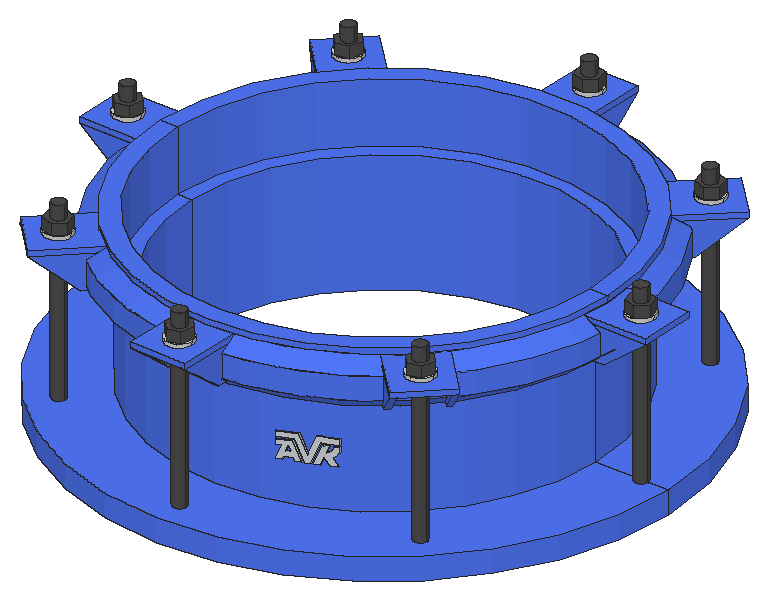
Revit family "603-A-6100-DN350", category Pipe Accessories, Revit 2019
Family settings
  Round Connector Dimension = Use Diameter
  Part Type = Valve - Breaks Into
  Work Plane-Based = No
  Always vertical = Yes
  Cut with Voids When Loaded = No
  Shared = No
Parameters (values of type "603-378-000-4100_DN350_352 - 378")
  Washer_Ref_2 = size_lookup(Search_table, "Washer_Ref_2", 0 mm, [Nomianal_Diameter(DN)])  # 145 mm
  URL_product_pages = "https://www.avkvalves.com/P.aspx?no=6033780006100"
  Reference = size_lookup(Search_table, "Reference", 0 mm, [Nomianal_Diameter(DN)])  # 145 mm
  L_Ref = L - Bottom_Flange_Thickness  # 170 mm
  L2 = size_lookup(Search_table, "L2", 0 mm, [Nomianal_Diameter(DN)])  # 170 mm
  F_dia = 50 mm  # constant formula
  Description_ = "AVK UNIVERSAL SUPA® FLANGE ADAPTOR"
  D_ref = DN1_ref + 5 mm  # 194 mm
  DN350_384 - 410 = "603-410-000-6100"
  DN350_372 -396 = "603-396-000-6100"
  DN350_352 -378 = "603-378-000-6100"
  DN2_ref = DN2 / 2  # 176 mm
  DN2 = size_lookup(Search_table, "DN2", 0 mm, [Nomianal_Diameter(DN)])  # 352 mm
  DN1_ref = DN1 / 2  # 189 mm
  DN1 = size_lookup(Search_table, "DN1", 0 mm, [Nomianal_Diameter(DN)])  # 378 mm
  D3_ref2 = 220 mm  # constant formula
  D3_Ref = 205 mm  # constant formula
  Bolt_Ref_2 = Bolt_Ref - 10 mm  # 148 mm
  Bolt_Ref = size_lookup(Search_table, "Bolt_Ref", 0 mm, [Nomianal_Diameter(DN)])  # 158 mm
  Washer_Ref = size_lookup(Search_table, "Washer_Ref", 0 mm, [Nomianal_Diameter(DN)])  # 148 mm
  Search_table = "603-A-6100-DN350"
  Rib_width = size_lookup(Search_table, "Rib_width", 0 mm, [Nomianal_Diameter(DN)])  # 499 mm
  Rib_length = 32 mm  # constant formula
  Rib_Thickness = 5 mm  # constant formula
  PCD = 450 mm
  Nut = 10 mm  # constant formula
  L = size_lookup(Search_table, "L", 0 mm, [Nomianal_Diameter(DN)]) - 16 mm  # 170 mm
  L1 = size_lookup(Search_table, "L1", 0 mm, [Nomianal_Diameter(DN)])  # 61 mm
  L3 = size_lookup(Search_table, "L3", 0 mm, [Nomianal_Diameter(DN)]) - Bottom_Flange_Thickness  # 103 mm
  ID = [Nomianal_Diameter(DN)] / 2  # 175 mm
  Nomianal_Diameter(DN) = 350 mm
  H1 = size_lookup(Search_table, "H1", 0 mm, [Nomianal_Diameter(DN)])  # 36 mm
  D4 = (PCD / 2) + Bottom_Flange_Thickness  # 225 mm
  D3 = 210 mm
  D2 = size_lookup(Search_table, "D2", 0 mm, [Nomianal_Diameter(DN)]) / 2  # 195 mm
  D = size_lookup(Search_table, "D", 0 mm, [Nomianal_Diameter(DN)]) / 2  # 260 mm
  Bottom_Flange_Thickness = L - L2  # 0 mm
  Bottm_cut = size_lookup(Search_table, "Bottm_cut", 0 mm, [Nomianal_Diameter(DN)]) / 2  # 216 mm
  Bolt_width = 20 mm  # constant formula
Types (4, lengths in mm): name | Washer_Ref_2 | Reference | L_Ref | L2 | D_ref | DN2_ref | DN2 | DN1_ref | DN1 | Bolt_Ref_2 | Bolt_Ref | Washer_Ref | L | L1 | L3 | ID | Nomianal_Diameter(DN) | D3
  (no name) | 145 | 145 | 170 | 170 | 194 | 176 | 352 | 189 | 378 | 148 | 158 | 148 | 170 | 61 | 103 | 175 | 350 | 210
  603-378-000-4100_DN350_352 - 378 | 145 | 145 | 170 | 170 | 194 | 176 | 352 | 189 | 378 | 148 | 158 | 148 | 170 | 61 | 103 | 175 | 350 | 210
  603-396-000-4100_DN350_372 - 396 | 187 | 187 | 210 | 210 | 203 | 186 | 372 | 198 | 396 | 190 | 200 | 190 | 210 | 62 | 145 | 175.05 | 350.1 | 201.6
  603-410-000-4100_DN350_384 - 410 | 187 | 187 | 210 | 210 | 203 | 186 | 372 | 198 | 396 | 190 | 200 | 190 | 210 | 62 | 145 | 175.05 | 350.1 | 201.6
Reference planes
  plane 1 "Center (Front/Back)": y = 0
  plane 2: z = 0
  plane 3 "Center (Left/Right)": x = 0
  plane 4: x = 8
  plane 5: x = -8
  plane 6: z = 103
  plane 7: through (123.744, 123.744, 1200) normal (-0.7071, 0.7071, 0)
  plane 8: x = -260
  plane 9: x = 260
  plane 10: x = 220
  plane 11: x = 205
  plane 12: z = 150.014
  plane 13: z = 177.178
  plane 14: through (-123.744, 123.744, 1200) normal (-0.7071, -0.7071, 0)
  plane 15: through (123.744, -123.744, 1200) normal (0.7071, 0.7071, 0)
  plane 16: through (-123.744, -123.744, 1200) normal (0.7071, -0.7071, 0)
  plane 17: z = 145
Forms (mm)
  Revolve 1, solid, material "Plastic"
    sketch origin (0, 0, 0) x (1, 0, 0) y (0, 0, 1)
      loop
        line (194, 103) -> (205, 103) -> (220, 115.178) -> (220, 135.178) -> (205, 145.014) -> (205, 150.014) -> (0, 150.014) -> (0, -16) -> (198.453, -16) -> (198.453, 0) -> (251.221, 0) -> (251.221, -10) -> (260, -10) -> (260, 10) -> (194, 10) -> (194, 103)
      axis (0, -16) -> (0, 150.014)
    angle from 0 to 360
  Extrusion 2, solid, material "Stainless Steel AISI 304"
    sketch origin (0, 0, 0) x (1, 0, 0) y (0, 1, 0)
      loop
        circle (0, 234.5) r 6
      loop
        circle (165.463, 165.963) r 6
      loop
        circle (-165.463, 165.963) r 6
      loop
        circle (234.99, 0) r 6
      loop
        circle (0, -234.5) r 6
      loop
        circle (165.463, -165.963) r 6
      loop
        circle (-165.463, -165.963) r 6
      loop
        circle (-234.99, 0) r 6
    from 0 to 170
  Extrusion 3, solid, material "Stainless Steel AISI 304(2)"
    sketch origin (0, 0, 0) x (1, 0, 0) y (0, 1, 0)
      loop
        circle (0, 234.75) r 12
      loop
        circle (165.817, 166.067) r 12
      loop
        circle (-165.817, 166.067) r 12
      loop
        circle (234.75, 0) r 12
      loop
        circle (-234.75, 0) r 12
      loop
        circle (0, -234.75) r 12
      loop
        circle (165.817, -166.067) r 12
      loop
        circle (-165.817, -166.067) r 12
    from 148 to 145
  Extrusion 4, solid, material "Stainless Steel AISI 304"
    sketch origin (0, 0, 0) x (1, 0, 0) y (0, 1, 0)
      loop
        line (162.828, 177.22) -> (154.663, 169.055) -> (157.652, 157.902) -> (168.805, 154.913) -> (176.97, 163.078) -> (173.982, 174.232) -> (162.828, 177.22)
      loop
        line (231.761, 11.154) -> (223.596, 2.989) -> (226.585, -8.165) -> (237.739, -11.154) -> (245.904, -2.989) -> (242.915, 8.165) -> (231.761, 11.154)
      loop
        line (-162.828, 177.22) -> (-173.982, 174.232) -> (-176.97, 163.078) -> (-168.805, 154.913) -> (-157.652, 157.902) -> (-154.663, 169.055) -> (-162.828, 177.22)
      loop
        line (-231.761, 11.154) -> (-242.915, 8.165) -> (-245.904, -2.989) -> (-237.739, -11.154) -> (-226.585, -8.165) -> (-223.596, 2.989) -> (-231.761, 11.154)
      loop
        line (-2.989, 245.654) -> (-11.154, 237.489) -> (-8.165, 226.335) -> (2.989, 223.346) -> (11.154, 231.511) -> (8.165, 242.665) -> (-2.989, 245.654)
      loop
        line (162.828, -177.22) -> (173.982, -174.232) -> (176.97, -163.078) -> (168.805, -154.913) -> (157.652, -157.902) -> (154.663, -169.055) -> (162.828, -177.22)
      loop
        line (-162.828, -177.22) -> (-154.663, -169.055) -> (-157.652, -157.902) -> (-168.805, -154.913) -> (-176.97, -163.078) -> (-173.982, -174.232) -> (-162.828, -177.22)
      loop
        line (-2.989, -245.654) -> (8.165, -242.665) -> (11.154, -231.511) -> (2.989, -223.346) -> (-8.165, -226.335) -> (-11.154, -237.489) -> (-2.989, -245.654)
    from 148 to 158
  Revolve 5, solid, material "Stainless Steel AISI 304"
    sketch origin (-11.726, 0, 0) x (1, 0, 0) y (0, 0, 1)
      loop
        line (246.99, 0) -> (246.99, -1.616)
        arc (246.99, -1.616) -> (253.288, -1.288) -> (259.461, 0) r 41.119
        line (259.461, 0) -> (246.99, 0)
      axis (246.99, -1.616) -> (246.99, 0)
    angle from 0 to 360
  Revolve 6, solid, material "Stainless Steel AISI 304"
    sketch origin (-81.626, 165.672, 0) x (1, 0, 0) y (0, 0, 1)
      loop
        line (246.99, 0) -> (246.99, -1.998)
        arc (246.99, -1.998) -> (253.32, -1.549) -> (259.475, 0) r 36.123
        line (259.475, 0) -> (246.99, 0)
      axis (246.99, -1.998) -> (246.99, 0)
    angle from 0 to 360
  Revolve 7, solid, material "Stainless Steel AISI 304"
    sketch origin (-235.065, 235.065, 0) x (1, 0, 0) y (0, 0, 1)
      loop
        line (234.99, 0) -> (234.99, -1.998)
        arc (234.99, -1.998) -> (241.281, -1.377) -> (247.451, 0) r 52.128
        line (247.451, 0) -> (234.99, 0)
      axis (234.99, -1.998) -> (234.99, 0)
    angle from 0 to 360
  Revolve 8, solid, material "Stainless Steel AISI 304"
    sketch origin (12.39, 0, 0) x (-1, 0, 0) y (0, 0, 1)
      loop
        line (246.99, 0) -> (246.99, -1.616)
        arc (246.99, -1.616) -> (253.298, -1.268) -> (259.487, 0) r 43.015
        line (259.487, 0) -> (246.99, 0)
      axis (246.99, -1.616) -> (246.99, 0)
    angle from 0 to 360
  Revolve 9, solid, material "Stainless Steel AISI 304"
    sketch origin (81.22, 165.945, 0) x (-1, 0, 0) y (0, 0, -1)
      loop
        line (246.99, 0) -> (259.457, 0)
        arc (259.457, 0) -> (253.276, 1.212) -> (246.99, 1.616) r 48.687
        line (246.99, 1.616) -> (246.99, 0)
      axis (246.99, 1.616) -> (246.99, 0)
    angle from 0 to 360
  Revolve 10, solid, material "Stainless Steel AISI 304"
    sketch origin (-81.613, -165.68, 0) x (1, 0, 0) y (0, 0, -1)
      loop
        line (246.99, 0) -> (259.475, 0)
        arc (259.475, 0) -> (253.3, 1.332) -> (246.99, 1.616) r 37.739
        line (246.99, 1.616) -> (246.99, 0)
      axis (246.99, 1.616) -> (246.99, 0)
    angle from 0 to 360
  Revolve 11, solid, material "Stainless Steel AISI 304"
    sketch origin (-235.065, -235.065, 0) x (1, 0, 0) y (0, 0, -1)
      loop
        line (234.99, 0) -> (247.451, 0)
        arc (247.451, 0) -> (241.282, 1.284) -> (234.99, 1.616) r 41.371
        line (234.99, 1.616) -> (234.99, 0)
      axis (234.99, 1.616) -> (234.99, 0)
    angle from 0 to 360
  Revolve 12, solid, material "Stainless Steel AISI 304"
    sketch origin (81.987, -165.518, 0) x (-1, 0, 0) y (0, 0, 1)
      loop
        line (246.99, 0) -> (246.99, -1.998)
        arc (246.99, -1.998) -> (253.295, -1.446) -> (259.457, 0) r 44.278
        line (259.457, 0) -> (246.99, 0)
      axis (246.99, -1.998) -> (246.99, 0)
    angle from 0 to 360
  Revolve 13, void
    sketch origin (0, 0, 0) x (1, 0, 0) y (0, 0, 1)
      loop
        line (0, 170) -> (0, -16) -> (176, -16) -> (176, 95) -> (189, 95) -> (189, 170) -> (0, 170)
      axis (0, -16) -> (0, 170)
    angle from 0 to 360
Cuts and joins
  Revolve 13 cuts Revolve 1
Dimensions and locks
  "D": Revolve 1 sketch curve to plane 3 "Center (Left/Right)"
  "L3": plane 6 to level
  equal spacing: plane 9, plane 3 "Center (Left/Right)", plane 8
  plane 9 to plane 8 = 520 mm
  "D": plane 9 to plane 3 "Center (Left/Right)"
  locked: Revolve 1 sketch curve to Revolve 1 sketch curve at 8.779
  "Washer_Ref_2": Extrusion 3 to level
  "Washer_Ref": Extrusion 3 to level
  "Washer_Ref": Extrusion 4 to level
  "Bolt_Ref": Extrusion 4 to level
  equal spacing: Revolve 1 sketch curve, level, Revolve 1 sketch curve
  locked: Extrusion 2 sketch curve to Extrusion 2 sketch curve at 330.926  (x2)
  locked: Extrusion 2 sketch curve to Extrusion 2 sketch curve at 469
  Extrusion 2 sketch curve to Extrusion 2 sketch curve = 469.98 mm
  locked: Extrusion 2 sketch curve to Extrusion 2 sketch curve at 469.98
  Extrusion 2 sketch curve to Extrusion 2 sketch curve = 330.926 mm  (x2)
  Extrusion 2 sketch curve to Extrusion 2 sketch curve = 469 mm
  Extrusion 3 sketch curve to Extrusion 3 sketch curve = 469.5 mm  (x2)
  Extrusion 3 sketch curve to Extrusion 3 sketch curve = 331.633 mm  (x2)
  locked: Extrusion 3 sketch curve to Extrusion 3 sketch curve at 469.5  (x2)
  locked: Extrusion 3 sketch curve to Extrusion 3 sketch curve at 331.633  (x2)
  Extrusion 4 sketch curve to Extrusion 4 sketch curve = 463.523 mm
  locked: Extrusion 4 sketch curve to Extrusion 4 sketch curve at 463.523
  locked: Extrusion 4 sketch curve to Extrusion 4 sketch curve at 463.023
  Extrusion 4 sketch curve to Extrusion 4 sketch curve = 463.023 mm
  Extrusion 4 sketch curve to Extrusion 4 sketch curve = 325.656 mm
  locked: Extrusion 4 sketch curve to Extrusion 4 sketch curve at 325.656
  Extrusion 4 sketch curve to Extrusion 4 sketch curve = 347.963 mm
  locked: Extrusion 4 sketch curve to Extrusion 4 sketch curve at 347.963
  "D3_ref2": plane 10 to plane 3 "Center (Left/Right)"
  "D3_Ref": plane 11 to plane 3 "Center (Left/Right)"
  locked: plane 12 to Revolve 1 sketch curve at 5
  locked: Revolve 1 sketch curve to plane 11 at 15
  locked: Revolve 1 sketch curve to plane 6 at 12.178
  locked: Revolve 1 sketch curve to Revolve 1 sketch curve at 20
  locked: plane 12 to plane 6 at 47.014
  "D_ref": Revolve 1 sketch curve to plane 3 "Center (Left/Right)"
  "Reference": plane 17 to level
  "L": Extrusion 2 to level
  Extrusion 2 to Revolve 1 = 186 mm
  "DN1_ref": Revolve 13 sketch curve to plane 3 "Center (Left/Right)"
  "DN2_ref": Revolve 13 sketch curve to plane 3 "Center (Left/Right)"
  cut or joined group of Revolve 1, Revolve 13 to cut or joined group of Revolve 1, Revolve 13 = 119 mm
  radius of Extrusion 2 sketch curve = 6 mm  (x8)
  aligned and locked: level to plane 2
  aligned and locked: plane 3 "Center (Left/Right)" to Revolve 1 sketch curve
  aligned and locked: Extrusion 2 to level
  aligned and locked: Revolve 5 sketch curve to Revolve 5 sketch curve  (x2)
  aligned and locked: Revolve 6 sketch curve to Revolve 6 sketch curve  (x2)
  aligned and locked: Revolve 7 sketch curve to Revolve 7 sketch curve  (x2)
  aligned and locked: Revolve 8 sketch curve to Revolve 8 sketch curve  (x2)
  aligned and locked: Revolve 9 sketch curve to Revolve 9 sketch curve  (x2)
  aligned and locked: Revolve 10 sketch curve to Revolve 10 sketch curve  (x2)
  aligned and locked: Revolve 11 sketch curve to Revolve 11 sketch curve  (x2)
  aligned and locked: Revolve 12 sketch curve to Revolve 12 sketch curve  (x2)
  aligned and locked: Revolve 11 to level
  aligned and locked: plane 12 to Revolve 1 sketch curve
  aligned and locked: plane 11 to Revolve 1 sketch curve  (x2)
  aligned and locked: Revolve 1 sketch curve to plane 10
  aligned and locked: plane 6 to Revolve 1 sketch curve
  aligned and locked: Revolve 1 sketch curve to plane 11
  aligned and locked: plane 3 "Center (Left/Right)" to nested 2
  aligned and locked: plane 1 "Center (Front/Back)" to nested 2
  aligned and locked: plane 17 to nested 3
  aligned and locked: plane 17 to nested 2
  aligned and locked: Revolve 13 sketch curve to Extrusion 2
  aligned and locked: plane 3 "Center (Left/Right)" to Revolve 13 sketch curve
  aligned and locked: Revolve 13 sketch curve to Revolve 13 sketch curve
  aligned and locked: level to Revolve 8 sketch curve
  aligned and locked: cut or joined group of Revolve 1, Revolve 13 to Revolve 12 sketch curve
  aligned and locked: Revolve 11 sketch curve to cut or joined group of Revolve 1, Revolve 13
  aligned and locked: Revolve 10 sketch curve to cut or joined group of Revolve 1, Revolve 13
  aligned and locked: Revolve 5 sketch curve to cut or joined group of Revolve 1, Revolve 13
  aligned and locked: Revolve 6 sketch curve to cut or joined group of Revolve 1, Revolve 13
  aligned and locked: Revolve 7 sketch curve to cut or joined group of Revolve 1, Revolve 13
  aligned and locked: cut or joined group of Revolve 1, Revolve 13 to Revolve 9 sketch curve
Automatic sketch dimensions
  plane 1 "Center (Front/Back)" to Extrusion 2 sketch curve = 0 mm  (x2)
  Extrusion 2 sketch curve to plane 3 "Center (Left/Right)" = 0 mm  (x2)
  plane 8 to Extrusion 2 sketch curve = 94.537 mm  (x2)
  plane 8 to Extrusion 2 sketch curve = 25.01 mm
  plane 1 "Center (Front/Back)" to Extrusion 2 sketch curve = 165.963 mm  (x2)
  Extrusion 2 sketch curve to Extrusion 2 sketch curve = 68.537 mm
  Extrusion 2 sketch curve to plane 1 "Center (Front/Back)" = 165.963 mm  (x2)
  plane 1 "Center (Front/Back)" to Extrusion 3 sketch curve = 0 mm  (x2)
  Extrusion 3 sketch curve to plane 3 "Center (Left/Right)" = 0 mm  (x2)
  plane 8 to Extrusion 3 sketch curve = 94.183 mm  (x2)
  plane 8 to Extrusion 3 sketch curve = 25.25 mm
  plane 1 "Center (Front/Back)" to Extrusion 3 sketch curve = 166.067 mm  (x2)
  Extrusion 3 sketch curve to Extrusion 3 sketch curve = 68.683 mm
  Extrusion 3 sketch curve to plane 1 "Center (Front/Back)" = 166.067 mm  (x2)
  plane 1 "Center (Front/Back)" to Extrusion 4 sketch curve = 2.989 mm  (x2)
  plane 8 to Extrusion 4 sketch curve = 14.096 mm
  Extrusion 4 sketch curve to plane 1 "Center (Front/Back)" = 8.165 mm  (x2)
  Extrusion 4 sketch curve to Extrusion 4 sketch curve = 2.989 mm  (x20)
  Extrusion 4 sketch curve to Extrusion 4 sketch curve = 8.165 mm  (x16)
  Extrusion 4 sketch curve to plane 1 "Center (Front/Back)" = 11.154 mm  (x2)
  Extrusion 4 sketch curve to Extrusion 4 sketch curve = 11.154 mm  (x23)
  plane 1 "Center (Front/Back)" to Extrusion 4 sketch curve = 8.165 mm  (x2)
  Extrusion 4 sketch curve to plane 1 "Center (Front/Back)" = 2.989 mm  (x2)
  plane 8 to Extrusion 4 sketch curve = 83.03 mm  (x2)
  plane 5 to Extrusion 4 sketch curve = 3.154 mm  (x2)
  plane 5 to Extrusion 4 sketch curve = 0.165 mm  (x2)
  Extrusion 4 sketch curve to plane 3 "Center (Left/Right)" = 2.989 mm  (x2)
  plane 3 "Center (Left/Right)" to Extrusion 4 sketch curve = 2.989 mm  (x2)
  plane 4 to Extrusion 4 sketch curve = 0.165 mm  (x2)
  plane 4 to Extrusion 4 sketch curve = 3.154 mm  (x2)
  Extrusion 4 sketch curve to Extrusion 4 sketch curve = 19.319 mm
  plane 1 "Center (Front/Back)" to Extrusion 4 sketch curve = 11.154 mm  (x2)
  plane 1 "Center (Front/Back)" to Extrusion 4 sketch curve = 154.913 mm  (x2)
  Extrusion 4 sketch curve to Extrusion 4 sketch curve = 54.291 mm
  Extrusion 4 sketch curve to plane 1 "Center (Front/Back)" = 154.913 mm  (x2)
  Revolve 5 sketch curve to plane 9 = 24.736 mm
  Revolve 5 sketch curve to plane 9 = 23.724 mm
  Revolve 5 sketch curve to plane 9 = 12.265 mm
  Revolve 5 sketch curve to level = 1.616 mm
  Revolve 5 sketch curve to Revolve 5 sketch curve = 6.447 mm
  Revolve 6 sketch curve to plane 9 = 94.636 mm
  Revolve 6 sketch curve to Revolve 6 sketch curve = 0.622 mm
  Revolve 6 sketch curve to Revolve 6 sketch curve = 12.485 mm
  Revolve 6 sketch curve to level = 1.998 mm
  Revolve 6 sketch curve to Revolve 6 sketch curve = 6.447 mm
  Revolve 7 sketch curve to plane 3 "Center (Left/Right)" = 2.036 mm
  Revolve 7 sketch curve to plane 3 "Center (Left/Right)" = 0.075 mm
  plane 4 to Revolve 7 sketch curve = 4.386 mm
  Revolve 7 sketch curve to level = 1.998 mm
  Revolve 7 sketch curve to Revolve 7 sketch curve = 6.447 mm
  Revolve 8 sketch curve to plane 8 = 25.4 mm
  Revolve 8 sketch curve to plane 8 = 24.61 mm
  Revolve 8 sketch curve to Revolve 8 sketch curve = 12.497 mm
  Revolve 8 sketch curve to Revolve 8 sketch curve = 1.616 mm
  Revolve 8 sketch curve to level = 6.447 mm
  plane 8 to Revolve 9 sketch curve = 94.23 mm
  Revolve 9 sketch curve to Revolve 9 sketch curve = 0.026 mm
  Revolve 9 sketch curve to Revolve 9 sketch curve = 12.467 mm
  level to Revolve 9 sketch curve = 47.071 mm
  Revolve 9 sketch curve to Revolve 9 sketch curve = 6.447 mm
  Revolve 10 sketch curve to plane 9 = 94.623 mm
  Revolve 10 sketch curve to Revolve 10 sketch curve = 1.464 mm
  Revolve 10 sketch curve to Revolve 10 sketch curve = 12.485 mm
  level to Revolve 10 sketch curve = 36.094 mm
  level to Revolve 10 sketch curve = 6.447 mm
  Revolve 11 sketch curve to plane 3 "Center (Left/Right)" = 0.075 mm
  plane 3 "Center (Left/Right)" to Revolve 11 sketch curve = 0.896 mm
  plane 4 to Revolve 11 sketch curve = 4.386 mm
  level to Revolve 11 sketch curve = 39.743 mm
  level to Revolve 11 sketch curve = 6.447 mm
  level to Revolve 12 sketch curve = 42.274 mm
  plane 8 to Revolve 12 sketch curve = 95.698 mm
  Revolve 12 sketch curve to Revolve 12 sketch curve = 0.701 mm
  Revolve 12 sketch curve to Revolve 12 sketch curve = 12.467 mm
  level to Revolve 12 sketch curve = 6.447 mm
  Revolve 1 sketch curve to plane 3 "Center (Left/Right)" = 0 mm
  Revolve 1 sketch curve to level = 0 mm
  Revolve 1 sketch curve to plane 11 = 6.547 mm
  Revolve 1 sketch curve to level = 10 mm
  Revolve 1 sketch curve to Revolve 1 sketch curve = 16 mm
  Revolve 1 sketch curve to plane 6 = 37.822 mm
  Revolve 1 sketch curve to Revolve 1 sketch curve = 9 mm
  Revolve 13 sketch curve to plane 17 = 50 mm
  Revolve 13 sketch curve to level = 16 mm
  Revolve 13 sketch curve to plane 17 = 61 mm
  Revolve 13 sketch curve to Revolve 13 sketch curve = 30 mm
  radius of Extrusion 3 sketch curve = 12 mm  (x8)
Nested families
  nested 1: "LOGO - Copy - Copy - Copy - Copy" at (74.008, -179.329, 35) x (0.9244, 0.3815, 0) z (0.3815, -0.9244, 0), type "LOGO - Copy - Copy - Copy - Copy"
  nested 2: "Reference" at (0, 0, 140.108), type "Reference"
  nested 3: "Reference2" at (0, 0, 140.108) x (0.7071, -0.7071, 0) z (0, 0, 1), type "Reference2"
Connectors
  piping at (0, 0, -16), diameter 352, driven by "DN2"
    settings: on Revolve 1, index 2, connector inside diameter 609.6 mm, connector length 0 mm, flow factor 0, pipe flow 0.0 L/s, pressure drop 0.0 Pa, fitting loss kfactor 0, connector angle 0.00°, fixture units 0, engagement length 0 mm, angle of deflection 0.00°, flow configuration 0, flow direction 0, fitting loss method 0, system type 7, joint type 0, gender type 0, connector reference index -1, connector utility 0, adjustable connector no, is connector primary yes, connector description ""
  piping at (0, 0, 150.014), diameter 378, driven by "DN1"
    settings: on Revolve 1, index 3, connector inside diameter 609.6 mm, connector length 0 mm, flow factor 0, pipe flow 0.0 L/s, pressure drop 0.0 Pa, fitting loss kfactor 0, connector angle 0.00°, fixture units 0, engagement length 0 mm, angle of deflection 0.00°, flow configuration 0, flow direction 0, fitting loss method 0, system type 7, joint type 0, gender type 0, connector reference index -1, connector utility 0, adjustable connector no, is connector primary no, connector description ""
Definition of nested family "LOGO - Copy - Copy - Copy - Copy"
  Parameters (values of type "LOGO - Copy - Copy - Copy - Copy")
    Default Elevation = 1219.2 mm
  Reference planes
    plane 1 "Center (Front/Back)": y = 0
    plane 2: z = 0
    plane 3 "Center (Left/Right)": x = 0
  Forms (mm)
    Extrusion 1, solid
      sketch origin (0, 0, 0) x (1, 0, 0) y (0, 1, 0)
        loop
          line (-1219.2, 1219.2) -> (-1219.2, -1219.2) -> (1219.2, -1219.2) -> (1219.2, 1219.2) -> (-1219.2, 1219.2)
      from 0 to -304.8
    Extrusion 2, solid
      sketch origin (0, 0, 0) x (1, 0, 0) y (0, 1, 0)
        loop
          line (-6.514, 34.224) -> (-24, 34.224) -> (-24, 29.481) -> (-9.766, 29.481) -> (-2.391, 11.367) -> (2.391, 11.367) -> (9.766, 29.481) -> (24, 29.481) -> (24, 34.224) -> (6.514, 34.224) -> (0, 18.224) -> (-6.514, 34.224)
        loop
          line (-10.996, 27.653) -> (-24, 27.653) -> (-24, 23.081) -> (-19.503, 23.081) -> (-24, 11.367) -> (-18.92, 11.367) -> (-17.955, 13.881) -> (-10.51, 13.881) -> (-9.486, 11.367) -> (-4.365, 11.367) -> (-10.996, 27.653)
        loop
          line (-16.777, 18.224) -> (-12.278, 18.224) -> (-14.594, 23.912) -> (-16.777, 18.224)
        loop
          line (4.365, 11.367) -> (9.486, 11.367) -> (12.093, 17.77) -> (16.918, 11.367) -> (22.857, 11.367) -> (17.399, 18.61)
          arc (17.399, 18.61) -> (20.583, 20.18) -> (22.629, 23.081) r 7.2
          line (22.629, 23.081) -> (24, 23.081) -> (24, 27.653) -> (19.429, 27.653)
          arc (19.429, 27.653) -> (17.763, 23.526) -> (13.699, 21.714) r 5.943
          line (13.699, 21.714) -> (16.117, 27.653) -> (10.996, 27.653) -> (4.365, 11.367)
      from 0 to 1
  Dimensions and locks
    aligned and locked: plane 2 to Extrusion 1
    aligned and locked: level to Extrusion 1
    aligned and locked: Extrusion 2 sketch curve to import instance
Definition of nested family "Reference"
  Parameters (values of type "Reference")
    B = 518 mm  # constant formula
    A = 50 mm  # constant formula
  Reference planes
    plane 1 "Center (Front/Back)": y = 0
    plane 2: z = 0
    plane 3 "Center (Left/Right)": x = 0
    plane 4: through (0, 0, 1200) normal (-0.7071, 0.7071, 0)
    plane 5: y = 259
    plane 6: x = 25
    plane 7: x = -25
    plane 8: y = 198
    plane 9: y = 25
    plane 10: x = 198
    plane 11: y = -25
    plane 12: x = 259
    plane 13: y = -198
    plane 14: y = -259
    plane 15: x = -25
    plane 16: x = 25
    plane 17: y = 25
    plane 18: y = -25
    plane 19: x = -198
    plane 20: x = -259
    plane 21: through (0, 0, 1200) normal (-0.7071, 0.7071, 0)
    plane 22: through (0, 0, 1200) normal (-0.7071, -0.7071, 0)
    plane 23: through (0, 0, 1200) normal (0.7071, 0.7071, 0)
    plane 24: through (0, 0, 1200) normal (0.7071, -0.7071, 0)
    plane 25: y = -25
    plane 26: y = 25
    plane 27: y = 0
    plane 28: x = 25
    plane 29: through (-181.964, 146.608, 1200) normal (-0.7071, -0.7071, 0)
  Forms (mm)
    Extrusion 1, solid
      sketch origin (0, 0, 0) x (1, 0, 0) y (0, 1, 0)
        loop
          line (-25, 259) -> (-25, 198) -> (25, 198) -> (25, 259) -> (-25, 259)
        loop
          line (-25, -259) -> (25, -259) -> (25, -198) -> (-25, -198) -> (-25, -259)
        loop
          line (198, 25) -> (198, -25) -> (259, -25) -> (259, 25) -> (198, 25)
        loop
          line (-198, 25) -> (-259, 25) -> (-259, -25) -> (-198, -25) -> (-198, 25)
      from 0 to 4.892
    Extrusion 2, solid
      sketch origin (0, 0, 0) x (1, 0, 0) y (0, 0, 1)
        loop
          line (-198, 0) -> (-259, 0) -> (-221.022, -30) -> (-198, -30) -> (-198, 0)
      from 19.632 to 25
    Extrusion 3, solid
      sketch origin (0, 0, 0) x (1, 0, 0) y (0, 0, 1)
        loop
          line (-198, -30) -> (-198, 0) -> (-259, 0) -> (-221.022, -30) -> (-198, -30)
      from -25 to -20.292
    Extrusion 4, solid
      sketch origin (0, 0, 0) x (-1, 0, 0) y (0, 0, -1)
        loop
          line (-198, 30) -> (-221.022, 30) -> (-259, 0) -> (-198, 0) -> (-198, 30)
      from -25 to -20.292
    Extrusion 5, solid
      sketch origin (0, 0, 0) x (-1, 0, 0) y (0, 0, -1)
        loop
          line (-198, 0) -> (-198, 30) -> (-221.022, 30) -> (-259, 0) -> (-198, 0)
      from 19.632 to 25
    Extrusion 6, solid
      sketch origin (0, 0, 0) x (0, 1, 0) y (0, 0, 1)
        loop
          line (198, 0) -> (198, -30) -> (220.966, -30) -> (259, 0) -> (198, 0)
      from 25 to 20.133
    Extrusion 7, solid
      sketch origin (0, 0, 0) x (0, 1, 0) y (0, 0, -1)
        loop
          line (198, 0) -> (259, 0) -> (220.966, 30) -> (198, 30) -> (198, 0)
      from 25 to 20.133
    Extrusion 8, solid
      sketch origin (0, 0, 0) x (0, -1, 0) y (0, 0, -1)
        loop
          line (198, 0) -> (259, 0) -> (220.966, 30) -> (198, 30) -> (198, 0)
      from 25 to 20.133
    Extrusion 9, solid
      sketch origin (0, 0, 0) x (0, -1, 0) y (0, 0, 1)
        loop
          line (198, 0) -> (198, -30) -> (220.966, -30) -> (259, 0) -> (198, 0)
      from 25 to 20.133
  Dimensions and locks
    equal spacing: plane 9, plane 1 "Center (Front/Back)", plane 11
    equal spacing: plane 15, plane 3 "Center (Left/Right)", plane 16
    equal spacing: plane 17, plane 1 "Center (Front/Back)", plane 18
    equal spacing: plane 7, plane 3 "Center (Left/Right)", plane 6
    "A": plane 7 to plane 6
    "A": plane 9 to plane 11
    "A": plane 15 to plane 16
    "A": plane 17 to plane 18
    locked: plane 5 to plane 8 at 61
    locked: plane 10 to plane 12 at 61
    locked: plane 13 to plane 14 at 61
    locked: plane 20 to plane 19 at 61
    equal spacing: plane 5, plane 1 "Center (Front/Back)", plane 14
    "B": plane 5 to plane 14
    equal spacing: plane 20, plane 3 "Center (Left/Right)", plane 12
    "B": plane 20 to plane 12
    locked: Extrusion 1 to level at 4.892
    locked: Extrusion 2 to Extrusion 1 at 5.368
    locked: plane 26 to Extrusion 3 at 4.708
    locked: plane 28 to Extrusion 6 at 4.867
    locked: Extrusion 7 to Extrusion 7 at 4.867
    locked: Extrusion 9 to Extrusion 9 at 4.867
    aligned and locked: level to plane 2
    aligned and locked: Extrusion 1 sketch curve to plane 7  (x2)
    aligned and locked: plane 5 to Extrusion 1 sketch curve  (x2)
    aligned and locked: Extrusion 1 sketch curve to plane 6  (x2)
    aligned and locked: plane 8 to Extrusion 1 sketch curve  (x2)
    aligned and locked: plane 9 to Extrusion 1 sketch curve  (x2)
    aligned and locked: plane 12 to Extrusion 1 sketch curve  (x2)
    aligned and locked: plane 11 to Extrusion 1 sketch curve  (x2)
    aligned and locked: plane 10 to Extrusion 1 sketch curve  (x2)
    aligned and locked: plane 15 to Extrusion 1 sketch curve  (x2)
    aligned and locked: plane 13 to Extrusion 1 sketch curve  (x2)
    aligned and locked: plane 16 to Extrusion 1 sketch curve  (x2)
    aligned and locked: plane 14 to Extrusion 1 sketch curve  (x2)
    aligned and locked: plane 20 to Extrusion 1 sketch curve  (x2)
    aligned and locked: Extrusion 1 sketch curve to plane 17  (x2)
    aligned and locked: plane 19 to Extrusion 1 sketch curve  (x2)
    aligned and locked: Extrusion 1 sketch curve to plane 18  (x2)
    aligned and locked: Extrusion 2 sketch curve to level
    aligned and locked: Extrusion 2 to Extrusion 1
    aligned and locked: plane 25 to Extrusion 2
    aligned and locked: Extrusion 3 sketch curve to Extrusion 2  (x4)
    aligned and locked: Extrusion 1 to Extrusion 3
    aligned and locked: plane 26 to Extrusion 3
    aligned and locked: Extrusion 6 sketch curve to level
    aligned and locked: Extrusion 6 sketch curve to Extrusion 1
    aligned and locked: Extrusion 1 to Extrusion 6
    aligned and locked: plane 28 to Extrusion 1
  Automatic sketch dimensions
    Extrusion 2 sketch curve to plane 3 "Center (Left/Right)" = 259 mm
    Extrusion 2 sketch curve to Extrusion 2 sketch curve = 37.978 mm
    Extrusion 2 sketch curve to Extrusion 2 sketch curve = 23.022 mm
    Extrusion 2 sketch curve to level = 30 mm
    Extrusion 4 sketch curve to level = 0 mm
    Extrusion 4 sketch curve to plane 28 = 234 mm
    Extrusion 4 sketch curve to Extrusion 4 sketch curve = 37.978 mm
    Extrusion 4 sketch curve to Extrusion 4 sketch curve = 23.022 mm
    level to Extrusion 4 sketch curve = 30 mm
    Extrusion 5 sketch curve to level = 0 mm
    Extrusion 5 sketch curve to plane 28 = 234 mm
    Extrusion 5 sketch curve to Extrusion 5 sketch curve = 37.978 mm
    Extrusion 5 sketch curve to Extrusion 5 sketch curve = 23.022 mm
    level to Extrusion 5 sketch curve = 30 mm
    Extrusion 6 sketch curve to level = 30 mm
    Extrusion 6 sketch curve to Extrusion 6 sketch curve = 22.966 mm
    Extrusion 6 sketch curve to Extrusion 6 sketch curve = 38.034 mm
    Extrusion 7 sketch curve to level = 0 mm
    Extrusion 7 sketch curve to level = 30 mm
    Extrusion 7 sketch curve to plane 26 = 173 mm
    Extrusion 7 sketch curve to Extrusion 7 sketch curve = 22.966 mm
    Extrusion 7 sketch curve to Extrusion 7 sketch curve = 38.034 mm
    Extrusion 8 sketch curve to level = 0 mm
    level to Extrusion 8 sketch curve = 30 mm
    Extrusion 8 sketch curve to plane 25 = 173 mm
    Extrusion 8 sketch curve to Extrusion 8 sketch curve = 22.966 mm
    Extrusion 8 sketch curve to Extrusion 8 sketch curve = 38.034 mm
    Extrusion 9 sketch curve to level = 0 mm
    Extrusion 9 sketch curve to level = 30 mm
    plane 25 to Extrusion 9 sketch curve = 173 mm
    Extrusion 9 sketch curve to Extrusion 9 sketch curve = 22.966 mm
    Extrusion 9 sketch curve to Extrusion 9 sketch curve = 38.034 mm
Definition of nested family "Reference2"
  Parameters (values of type "Reference2")
    B = 518 mm  # constant formula
    A = 50 mm  # constant formula
  Reference planes
    plane 1 "Center (Front/Back)": y = 0
    plane 2: z = 0
    plane 3 "Center (Left/Right)": x = 0
    plane 4: through (0, 0, 1200) normal (-0.7071, 0.7071, 0)
    plane 5: y = 259
    plane 6: x = 25
    plane 7: x = -25
    plane 8: y = 198
    plane 9: y = 25
    plane 10: x = 198
    plane 11: y = -25
    plane 12: x = 259
    plane 13: y = -198
    plane 14: y = -259
    plane 15: x = -25
    plane 16: x = 25
    plane 17: y = 25
    plane 18: y = -25
    plane 19: x = -198
    plane 20: x = -259
    plane 21: through (0, 0, 1200) normal (-0.7071, 0.7071, 0)
    plane 22: through (0, 0, 1200) normal (-0.7071, -0.7071, 0)
    plane 23: through (0, 0, 1200) normal (0.7071, 0.7071, 0)
    plane 24: through (0, 0, 1200) normal (0.7071, -0.7071, 0)
    plane 25: y = -25
    plane 26: y = 25
    plane 27: y = 0
    plane 28: x = 25
    plane 29: through (-181.964, 146.608, 1200) normal (-0.7071, -0.7071, 0)
  Forms (mm)
    Extrusion 1, solid
      sketch origin (0, 0, 0) x (1, 0, 0) y (0, 1, 0)
        loop
          line (-25, 259) -> (-25, 198) -> (25, 198) -> (25, 259) -> (-25, 259)
        loop
          line (-25, -259) -> (25, -259) -> (25, -198) -> (-25, -198) -> (-25, -259)
        loop
          line (198, 25) -> (198, -25) -> (259, -25) -> (259, 25) -> (198, 25)
        loop
          line (-198, 25) -> (-259, 25) -> (-259, -25) -> (-198, -25) -> (-198, 25)
      from 0 to 4.892
    Extrusion 2, solid
      sketch origin (0, 0, 0) x (1, 0, 0) y (0, 0, 1)
        loop
          line (-198, 0) -> (-259, 0) -> (-221.022, -30) -> (-198, -30) -> (-198, 0)
      from 19.632 to 25
    Extrusion 3, solid
      sketch origin (0, 0, 0) x (1, 0, 0) y (0, 0, 1)
        loop
          line (-198, -30) -> (-198, 0) -> (-259, 0) -> (-221.022, -30) -> (-198, -30)
      from -25 to -20.292
    Extrusion 4, solid
      sketch origin (0, 0, 0) x (-1, 0, 0) y (0, 0, -1)
        loop
          line (-198, 30) -> (-221.022, 30) -> (-259, 0) -> (-198, 0) -> (-198, 30)
      from -25 to -20.292
    Extrusion 5, solid
      sketch origin (0, 0, 0) x (-1, 0, 0) y (0, 0, -1)
        loop
          line (-198, 0) -> (-198, 30) -> (-221.022, 30) -> (-259, 0) -> (-198, 0)
      from 19.632 to 25
    Extrusion 6, solid
      sketch origin (0, 0, 0) x (0, 1, 0) y (0, 0, 1)
        loop
          line (198, 0) -> (198, -30) -> (220.966, -30) -> (259, 0) -> (198, 0)
      from 25 to 20.133
    Extrusion 7, solid
      sketch origin (0, 0, 0) x (0, 1, 0) y (0, 0, -1)
        loop
          line (198, 0) -> (259, 0) -> (220.966, 30) -> (198, 30) -> (198, 0)
      from 25 to 20.133
    Extrusion 8, solid
      sketch origin (0, 0, 0) x (0, -1, 0) y (0, 0, -1)
        loop
          line (198, 0) -> (259, 0) -> (220.966, 30) -> (198, 30) -> (198, 0)
      from 25 to 20.133
    Extrusion 9, solid
      sketch origin (0, 0, 0) x (0, -1, 0) y (0, 0, 1)
        loop
          line (198, 0) -> (198, -30) -> (220.966, -30) -> (259, 0) -> (198, 0)
      from 25 to 20.133
  Dimensions and locks
    equal spacing: plane 9, plane 1 "Center (Front/Back)", plane 11
    equal spacing: plane 15, plane 3 "Center (Left/Right)", plane 16
    equal spacing: plane 17, plane 1 "Center (Front/Back)", plane 18
    equal spacing: plane 7, plane 3 "Center (Left/Right)", plane 6
    "A": plane 7 to plane 6
    "A": plane 9 to plane 11
    "A": plane 15 to plane 16
    "A": plane 17 to plane 18
    locked: plane 5 to plane 8 at 61
    locked: plane 10 to plane 12 at 61
    locked: plane 13 to plane 14 at 61
    locked: plane 20 to plane 19 at 61
    equal spacing: plane 5, plane 1 "Center (Front/Back)", plane 14
    "B": plane 5 to plane 14
    equal spacing: plane 20, plane 3 "Center (Left/Right)", plane 12
    "B": plane 20 to plane 12
    locked: Extrusion 1 to level at 4.892
    locked: Extrusion 2 to Extrusion 1 at 5.368
    locked: plane 26 to Extrusion 3 at 4.708
    locked: plane 28 to Extrusion 6 at 4.867
    locked: Extrusion 7 to Extrusion 7 at 4.867
    locked: Extrusion 9 to Extrusion 9 at 4.867
    aligned and locked: level to plane 2
    aligned and locked: Extrusion 1 sketch curve to plane 7  (x2)
    aligned and locked: plane 5 to Extrusion 1 sketch curve  (x2)
    aligned and locked: Extrusion 1 sketch curve to plane 6  (x2)
    aligned and locked: plane 8 to Extrusion 1 sketch curve  (x2)
    aligned and locked: plane 9 to Extrusion 1 sketch curve  (x2)
    aligned and locked: plane 12 to Extrusion 1 sketch curve  (x2)
    aligned and locked: plane 11 to Extrusion 1 sketch curve  (x2)
    aligned and locked: plane 10 to Extrusion 1 sketch curve  (x2)
    aligned and locked: plane 15 to Extrusion 1 sketch curve  (x2)
    aligned and locked: plane 13 to Extrusion 1 sketch curve  (x2)
    aligned and locked: plane 16 to Extrusion 1 sketch curve  (x2)
    aligned and locked: plane 14 to Extrusion 1 sketch curve  (x2)
    aligned and locked: plane 20 to Extrusion 1 sketch curve  (x2)
    aligned and locked: Extrusion 1 sketch curve to plane 17  (x2)
    aligned and locked: plane 19 to Extrusion 1 sketch curve  (x2)
    aligned and locked: Extrusion 1 sketch curve to plane 18  (x2)
    aligned and locked: Extrusion 2 sketch curve to level
    aligned and locked: Extrusion 2 to Extrusion 1
    aligned and locked: plane 25 to Extrusion 2
    aligned and locked: Extrusion 3 sketch curve to Extrusion 2  (x4)
    aligned and locked: Extrusion 1 to Extrusion 3
    aligned and locked: plane 26 to Extrusion 3
    aligned and locked: Extrusion 6 sketch curve to level
    aligned and locked: Extrusion 6 sketch curve to Extrusion 1
    aligned and locked: Extrusion 1 to Extrusion 6
    aligned and locked: plane 28 to Extrusion 1
  Automatic sketch dimensions
    Extrusion 2 sketch curve to plane 3 "Center (Left/Right)" = 259 mm
    Extrusion 2 sketch curve to Extrusion 2 sketch curve = 37.978 mm
    Extrusion 2 sketch curve to Extrusion 2 sketch curve = 23.022 mm
    Extrusion 2 sketch curve to level = 30 mm
    Extrusion 4 sketch curve to level = 0 mm
    Extrusion 4 sketch curve to plane 28 = 234 mm
    Extrusion 4 sketch curve to Extrusion 4 sketch curve = 37.978 mm
    Extrusion 4 sketch curve to Extrusion 4 sketch curve = 23.022 mm
    level to Extrusion 4 sketch curve = 30 mm
    Extrusion 5 sketch curve to level = 0 mm
    Extrusion 5 sketch curve to plane 28 = 234 mm
    Extrusion 5 sketch curve to Extrusion 5 sketch curve = 37.978 mm
    Extrusion 5 sketch curve to Extrusion 5 sketch curve = 23.022 mm
    level to Extrusion 5 sketch curve = 30 mm
    Extrusion 6 sketch curve to level = 30 mm
    Extrusion 6 sketch curve to Extrusion 6 sketch curve = 22.966 mm
    Extrusion 6 sketch curve to Extrusion 6 sketch curve = 38.034 mm
    Extrusion 7 sketch curve to level = 0 mm
    Extrusion 7 sketch curve to level = 30 mm
    Extrusion 7 sketch curve to plane 26 = 173 mm
    Extrusion 7 sketch curve to Extrusion 7 sketch curve = 22.966 mm
    Extrusion 7 sketch curve to Extrusion 7 sketch curve = 38.034 mm
    Extrusion 8 sketch curve to level = 0 mm
    level to Extrusion 8 sketch curve = 30 mm
    Extrusion 8 sketch curve to plane 25 = 173 mm
    Extrusion 8 sketch curve to Extrusion 8 sketch curve = 22.966 mm
    Extrusion 8 sketch curve to Extrusion 8 sketch curve = 38.034 mm
    Extrusion 9 sketch curve to level = 0 mm
    Extrusion 9 sketch curve to level = 30 mm
    plane 25 to Extrusion 9 sketch curve = 173 mm
    Extrusion 9 sketch curve to Extrusion 9 sketch curve = 22.966 mm
    Extrusion 9 sketch curve to Extrusion 9 sketch curve = 38.034 mm
